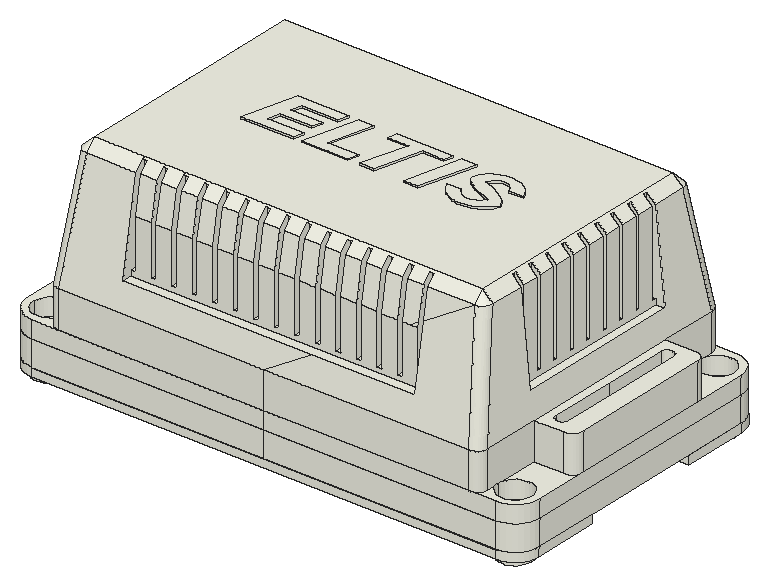
Revit family "Блок питания PS2-DSV3", category Оборудование, Revit 2017
Family settings
  Размер круглого соединителя = Использовать диаметр
  Тип детали = Нормальный
  На основе рабочей плоскости = Нет
  Всегда вертикально = Да
  При загрузке вырезать с полостями = Нет
  Общий = Нет
  Точка расчета площади = Нет
Parameters (values of type "Блок питания")
  Отступ от грани [instance] = 0 mm
  Описание = "Блок питания PS2-DSV3"
  Градус [instance] = if(Горизонтальное, 90.00°, 0.00°)  # 90.00°
  Горизонтальное [instance] = not(Вертикальные)  # yes
  Вертикальные [instance] = no
  URL = "https://www.eltis.com/catalog/bloki-pitanija/548/2793/"
  ADSK_Этаж [instance] = ""
  ADSK_Обозначение = "PS2-DSV3"
  ADSK_Наименование краткое = "Блок питания"
  ADSK_Наименование = "Блок питания PS2-DSV3"
  ADSK_Масса = 0.6
  ADSK_Марка = "PS2-DSV3"
  ADSK_Завод-изготовитель = "ELTIS"  # constant formula
Reference planes
  plane 1 "По центру (Вперед/Назад)": y = 0
  plane 2: z = 0
  plane 3 "Е1": x = 0
  plane 4 "Е1Е": z = 0
Lines and regions (mm)
  reference lines
    curve 1: line (1, 0, 1) -> (1, 0, 166)
Dimensions and locks
  "Отступ от грани": plane 4 "Е1Е" to level
  locked: curve 1 to plane 3 "Е1" at 1
  locked: curve 1 to plane 4 "Е1Е" at 1
  "Градус": angle plane 4 "Е1Е" to curve 1
  aligned and locked: level to plane 2
  aligned and locked: plane 3 "Е1" to nested 1
  aligned and locked: plane 1 "По центру (Вперед/Назад)" to nested 1
  aligned and locked: nested 2 to plane 1 "По центру (Вперед/Назад)"
  aligned and locked: nested 2 to plane 4 "Е1Е"
Nested families
  nested 1: "Бл. питания" at (0, 0, 0), visible <- "Горизонтальное", type "Бл. питания"
    with Ширина 88 mm, Материал корпуса Бежевый пластик, Длина 150 mm
  nested 2: "Бл. питания" at (0, 0, 0) x (0, 1, 0) z (1, 0, 0), visible <- "Вертикальные", type "Бл. питания"
    with Ширина 88 mm, Материал корпуса Бежевый пластик, Длина 150 mm
Connectors
  electrical at (1, 0, 1)
    settings: on curve 1, index 1, voltage 0 V, apparent load 0 VA, apparent load phase1 0 VA, apparent load phase2 0 VA, apparent load phase3 0 VA, power factor 1, load classification "Прочее", number of poles 1, system type 30, power factor state 1, is connector primary yes, connector utility no, sub classification motor no, connector description ""
Definition of nested family "Бл. питания"
  Parameters (values of type "Бл. питания")
    Ширина [instance] = 88 mm  # constant formula
    Default Elevation = 1219.2 mm
    Материал корпуса [instance] = none
    Длина [instance] = 150 mm  # constant formula
  Reference planes
    plane 1 "По центру (Вперед/Назад)": y = 0
    plane 2: z = 0
    plane 3 "По центру (Влево/Вправо)": x = 0
    plane 4: z = 2
    plane 5: z = 11
    plane 6: z = 12.006
    plane 7: z = 17.006
    plane 8: z = 27.734
    plane 9: z = 64.734
    plane 10 "Е1": x = -75
    plane 11: x = 75
    plane 12: y = 44
    plane 13 "Е3": y = -44
    plane 14: z = 4.5
    plane 15: z = 61.734
    plane 16: x = 85
    plane 17: x = -85
  Forms (mm)
    Extrusion 1, solid
      sketch origin (0, 0, 0) x (1, 0, 0) y (0, 1, 0)
        loop
          line (-1219.2, 1219.2) -> (-1219.2, -1219.2) -> (1219.2, -1219.2) -> (1219.2, 1219.2) -> (-1219.2, 1219.2)
      from 0 to -304.8
    Extrusion 2, solid, material <- "Материал корпуса", detail levels medium+fine
      sketch origin (0, 0, 0) x (1, 0, 0) y (0, 1, 0)
        loop
          circle (-67.978, 36.874) r 4.976
        loop
          circle (-67.978, -37.036) r 4.976
        loop
          circle (67.981, -37.036) r 4.976
        loop
          circle (67.981, 36.971) r 4.976
      from 0 to 2
    Extrusion 3, solid, material <- "Материал корпуса", detail levels medium+fine
      sketch origin (0, 0, 0) x (1, 0, 0) y (0, 1, 0)
        loop
          line (-5.5, 17.649) -> (-5.5, 44) -> (-60.5, 44) -> (-67.825, 44)
          arc (-67.825, 44) -> (-72.899, 41.899) -> (-75, 36.825) r 7.175
          line (-75, 36.825) -> (-75, 17.649) -> (-5.5, 17.649)
        loop
          line (5.5, 17.649) -> (75, 17.649) -> (75, 37.001)
          arc (75, 37.001) -> (72.95, 41.95) -> (68.001, 44) r 6.999
          line (68.001, 44) -> (5.5, 44) -> (5.5, 17.649)
        loop
          line (-75, -17.651) -> (-75, -36.739)
          arc (-75, -36.739) -> (-72.873, -41.873) -> (-67.739, -44) r 7.261
          line (-67.739, -44) -> (68.001, -44)
          arc (68.001, -44) -> (72.95, -41.95) -> (75, -37.001) r 6.999
          line (75, -37.001) -> (75, -17.651) -> (54, -17.651) -> (54, -15.651) -> (46, -15.651) -> (46, -17.651) -> (-46, -17.651) -> (-46, -15.651) -> (-54, -15.651) -> (-54, -17.651) -> (-75, -17.651)
        loop
          line (19.898, 21.683) -> (56.794, 21.683) -> (56.794, 39.969) -> (19.898, 39.969) -> (19.898, 21.683)
        loop
          line (20, -22.001) -> (20, -39.901) -> (56.6, -39.901) -> (56.6, -22.001) -> (20, -22.001)
      from 2 to 4.5
    Extrusion 4, solid, material <- "Материал корпуса", detail levels medium+fine
      sketch origin (0, 0, 0) x (1, 0, 0) y (0, 1, 0)
        loop
          arc (-67.825, 44) -> (-72.899, 41.899) -> (-75, 36.825) r 7.175
          line (-75, 36.825) -> (-75, -36.739)
          arc (-75, -36.739) -> (-72.873, -41.873) -> (-67.739, -44) r 7.261
          line (-67.739, -44) -> (0.131, -44) -> (67.739, -44)
          arc (67.739, -44) -> (72.873, -41.873) -> (75, -36.739) r 7.261
          line (75, -36.739) -> (75, 36.825)
          arc (75, 36.825) -> (72.899, 41.899) -> (67.825, 44) r 7.175
          line (67.825, 44) -> (0, 44) -> (-67.825, 44)
      from 4.5 to 12.006
    Extrusion 5, solid, material <- "Материал корпуса", detail levels medium+fine
      sketch origin (0, 0, 0) x (1, 0, 0) y (0, 1, 0)
        loop
          arc (-67.825, 44) -> (-72.899, 41.899) -> (-75, 36.825) r 7.175
          line (-75, 36.825) -> (-75, -36.739)
          arc (-75, -36.739) -> (-72.873, -41.873) -> (-67.739, -44) r 7.261
          line (-67.739, -44) -> (0.131, -44) -> (67.739, -44)
          arc (67.739, -44) -> (72.873, -41.873) -> (75, -36.739) r 7.261
          line (75, -36.739) -> (75, 36.825)
          arc (75, 36.825) -> (72.899, 41.899) -> (67.825, 44) r 7.175
          line (67.825, 44) -> (0, 44) -> (-67.825, 44)
        loop
          circle (-67.978, -37.036) r 4.976
        loop
          circle (-67.978, 36.874) r 4.976
        loop
          circle (67.978, -37.036) r 4.976
        loop
          circle (67.978, 36.874) r 4.976
      from 12.006 to 17
    Extrusion 6, solid, material <- "Материал корпуса", detail levels medium+fine
      sketch origin (0, 0, 0) x (1, 0, 0) y (0, 1, 0)
        loop
          arc (-75, -20.817) -> (-74.068, -23.068) -> (-71.817, -24) r 3.183
          line (-71.817, -24) -> (-63.045, -24) -> (-63.045, -40.922)
          arc (-63.045, -40.922) -> (-62.143, -43.098) -> (-59.967, -44) r 3.078
          line (-59.967, -44) -> (0.131, -44) -> (59.967, -44)
          arc (59.967, -44) -> (62.143, -43.098) -> (63.045, -40.922) r 3.078
          line (63.045, -40.922) -> (63.045, -24) -> (71.817, -24)
          arc (71.817, -24) -> (74.068, -23.068) -> (75, -20.817) r 3.183
          line (75, -20.817) -> (75, 21.018)
          arc (75, 21.018) -> (74.127, 23.127) -> (72.018, 24) r 2.982
          line (72.018, 24) -> (63.045, 24) -> (63.045, 40.922)
          arc (63.045, 40.922) -> (62.143, 43.098) -> (59.967, 44) r 3.078
          line (59.967, 44) -> (0, 44) -> (-59.967, 44)
          arc (-59.967, 44) -> (-62.143, 43.098) -> (-63.045, 40.922) r 3.078
          line (-63.045, 40.922) -> (-63.045, 24) -> (-72.018, 24)
          arc (-72.018, 24) -> (-74.127, 23.127) -> (-75, 21.018) r 2.982
          line (-75, 21.018) -> (-75, -20.817)
        loop
          line (69.397, 0) -> (69.397, 19.139)
          arc (69.397, 19.139) -> (67.504, 21.031) -> (65.612, 19.139) r 1.893
          line (65.612, 19.139) -> (65.612, 0) -> (65.612, -19.139)
          arc (65.612, -19.139) -> (67.504, -21.031) -> (69.397, -19.139) r 1.893
          line (69.397, -19.139) -> (69.397, 0)
      from 17.006 to 27.734
    Blend 7, solid, material <- "Материал корпуса", detail levels medium+fine
      base sketch origin (0, 0, 0) x (1, 0, 0) y (0, 1, 0)
        loop
          arc (-59.967, 44) -> (-62.143, 43.098) -> (-63.045, 40.922) r 3.078
          line (-63.045, 40.922) -> (-63.045, -40.922)
          arc (-63.045, -40.922) -> (-62.143, -43.098) -> (-59.967, -44) r 3.078
          line (-59.967, -44) -> (0, -44) -> (59.967, -44)
          arc (59.967, -44) -> (62.143, -43.098) -> (63.045, -40.922) r 3.078
          line (63.045, -40.922) -> (63.045, 40.922)
          arc (63.045, 40.922) -> (62.143, 43.098) -> (59.967, 44) r 3.078
          line (59.967, 44) -> (0, 44) -> (-59.967, 44)
      top sketch origin (0, 0, 0) x (1, 0, 0) y (0, 1, 0)
        loop
          arc (-56.902, 37.722) -> (-58.993, 36.848) -> (-59.89, 34.767) r 3.025
          line (-59.89, 34.767) -> (-59.89, -34.767)
          arc (-59.89, -34.767) -> (-58.993, -36.848) -> (-56.902, -37.722) r 3.025
          line (-56.902, -37.722) -> (56.655, -37.722)
          arc (56.655, -37.722) -> (58.746, -36.848) -> (59.644, -34.767) r 3.025
          line (59.644, -34.767) -> (59.644, 34.767)
          arc (59.644, 34.767) -> (58.746, 36.848) -> (56.655, 37.722) r 3.025
          line (56.655, 37.722) -> (-56.902, 37.722)
      from 27.734 to 61.734
    Blend 8, solid, material <- "Материал корпуса", detail levels medium+fine
      base sketch origin (0, 0, 0) x (1, 0, 0) y (0, 1, 0)
        loop
          line (-59.89, 34.767) -> (-59.89, -34.767)
          arc (-59.89, -34.767) -> (-58.993, -36.848) -> (-56.902, -37.722) r 3.025
          line (-56.902, -37.722) -> (56.655, -37.722)
          arc (56.655, -37.722) -> (58.746, -36.848) -> (59.644, -34.767) r 3.025
          line (59.644, -34.767) -> (59.644, 34.767)
          arc (59.644, 34.767) -> (58.746, 36.848) -> (56.655, 37.722) r 3.025
          line (56.655, 37.722) -> (-56.902, 37.722)
          arc (-56.902, 37.722) -> (-58.993, 36.848) -> (-59.89, 34.767) r 3.025
      top sketch origin (0, 0, 0) x (1, 0, 0) y (0, 1, 0)
        loop
          line (56.644, 34.722) -> (-56.89, 34.722) -> (-56.89, -34.722) -> (56.644, -34.722) -> (56.644, 34.722)
      from 61.734 to 64.734
    Extrusion 9, void
      sketch origin (-75, 0, 0) x (0, 1, 0) y (0, 0, 1)
        loop
          line (24.692, 35.609) -> (24.692, 64.734) -> (-24.692, 64.734) -> (-24.692, 35.609) -> (24.692, 35.609)
      from 134.644 to 160
    Extrusion 10, void
      sketch origin (-75, 0, 0) x (0, 1, 0) y (0, 0, 1)
        loop
          line (24.692, 37.109) -> (24.692, 64.309) -> (23.3, 64.309) -> (23.3, 37.109) -> (24.692, 37.109)
        loop
          line (18.7, 37.109) -> (18.7, 64.309) -> (17.3, 64.309) -> (17.3, 37.109) -> (18.7, 37.109)
        loop
          line (12.7, 37.109) -> (12.7, 64.309) -> (11.3, 64.309) -> (11.3, 37.109) -> (12.7, 37.109)
        loop
          line (6.7, 37.109) -> (6.7, 64.309) -> (5.3, 64.309) -> (5.3, 37.109) -> (6.7, 37.109)
        loop
          line (0.7, 37.109) -> (0.7, 64.309) -> (-0.7, 64.309) -> (-0.7, 37.109) -> (0.7, 37.109)
        loop
          line (-5.3, 37.109) -> (-5.3, 64.309) -> (-6.7, 64.309) -> (-6.7, 37.109) -> (-5.3, 37.109)
        loop
          line (-11.3, 37.109) -> (-11.3, 64.309) -> (-12.7, 64.309) -> (-12.7, 37.109) -> (-11.3, 37.109)
        loop
          line (-17.3, 37.109) -> (-17.3, 64.309) -> (-18.7, 64.309) -> (-18.7, 37.109) -> (-17.3, 37.109)
        loop
          line (-23.3, 37.109) -> (-23.3, 64.309) -> (-24.692, 64.309) -> (-24.692, 37.109) -> (-23.3, 37.109)
      from 131.655 to 160
    Extrusion 11, void
      sketch origin (75, 0, 0) x (0, 1, 0) y (0, 0, -1)
        loop
          line (24.692, -37.109) -> (23.3, -37.109) -> (23.3, -64.309) -> (24.692, -64.309) -> (24.692, -37.109)
        loop
          line (18.7, -37.109) -> (17.3, -37.109) -> (17.3, -64.309) -> (18.7, -64.309) -> (18.7, -37.109)
        loop
          line (12.7, -37.109) -> (11.3, -37.109) -> (11.3, -64.309) -> (12.7, -64.309) -> (12.7, -37.109)
        loop
          line (6.7, -37.109) -> (5.3, -37.109) -> (5.3, -64.309) -> (6.7, -64.309) -> (6.7, -37.109)
        loop
          line (0.7, -37.109) -> (-0.7, -37.109) -> (-0.7, -64.309) -> (0.7, -64.309) -> (0.7, -37.109)
        loop
          line (-5.3, -37.109) -> (-6.7, -37.109) -> (-6.7, -64.309) -> (-5.3, -64.309) -> (-5.3, -37.109)
        loop
          line (-11.3, -37.109) -> (-12.7, -37.109) -> (-12.7, -64.309) -> (-11.3, -64.309) -> (-11.3, -37.109)
        loop
          line (-17.3, -37.109) -> (-18.7, -37.109) -> (-18.7, -64.309) -> (-17.3, -64.309) -> (-17.3, -37.109)
        loop
          line (-23.3, -37.109) -> (-24.692, -37.109) -> (-24.692, -64.309) -> (-23.3, -64.309) -> (-23.3, -37.109)
      from 131.655 to 160
    Extrusion 12, void
      sketch origin (75, 0, 0) x (0, 1, 0) y (0, 0, -1)
        loop
          line (24.692, -35.609) -> (-24.692, -35.609) -> (-24.692, -64.734) -> (24.692, -64.734) -> (24.692, -35.609)
      from 134.644 to 160
    Extrusion 13, void
      sketch origin (0, -44, 0) x (-1, 0, 0) y (0, 0, 1)
        loop
          line (41.037, 37) -> (42.435, 37) -> (42.435, 64.2) -> (41.037, 64.2) -> (41.037, 37)
        loop
          line (34.949, 37) -> (36.347, 37) -> (36.347, 64.2) -> (34.949, 64.2) -> (34.949, 37)
        loop
          line (28.939, 37) -> (30.336, 37) -> (30.336, 64.2) -> (28.939, 64.2) -> (28.939, 37)
        loop
          line (22.947, 37) -> (24.345, 37) -> (24.345, 64.2) -> (22.947, 64.2) -> (22.947, 37)
        loop
          line (16.947, 37) -> (18.345, 37) -> (18.345, 64.2) -> (16.947, 64.2) -> (16.947, 37)
        loop
          line (10.947, 37) -> (12.345, 37) -> (12.345, 64.2) -> (10.947, 64.2) -> (10.947, 37)
        loop
          line (4.947, 37) -> (6.345, 37) -> (6.345, 64.2) -> (4.947, 64.2) -> (4.947, 37)
        loop
          line (-1.053, 37) -> (0.345, 37) -> (0.345, 64.2) -> (-1.053, 64.2) -> (-1.053, 37)
        loop
          line (-7.053, 37) -> (-5.655, 37) -> (-5.655, 64.2) -> (-7.053, 64.2) -> (-7.053, 37)
        loop
          line (-13.053, 37) -> (-11.655, 37) -> (-11.655, 64.2) -> (-13.053, 64.2) -> (-13.053, 37)
        loop
          line (-19.053, 37) -> (-17.655, 37) -> (-17.655, 64.2) -> (-19.053, 64.2) -> (-19.053, 37)
        loop
          line (-25.053, 37) -> (-23.655, 37) -> (-23.655, 64.2) -> (-25.053, 64.2) -> (-25.053, 37)
        loop
          line (-31.053, 37) -> (-29.655, 37) -> (-29.655, 64.2) -> (-31.053, 64.2) -> (-31.053, 37)
        loop
          line (-37.053, 37) -> (-35.655, 37) -> (-35.655, 64.2) -> (-37.053, 64.2) -> (-37.053, 37)
        loop
          line (-43.053, 37) -> (-41.655, 37) -> (-41.655, 64.2) -> (-43.053, 64.2) -> (-43.053, 37)
      from -7.878 to 9.233
    Extrusion 14, void
      sketch origin (0, 44, 0) x (-1, 0, 0) y (0, 0, -1)
        loop
          line (42.43, -35.5) -> (-42.955, -35.5) -> (-42.955, -64.734) -> (42.43, -64.734) -> (42.43, -35.5)
      from 4.377 to -10.148
    Extrusion 15, void
      sketch origin (0, 44, 0) x (-1, 0, 0) y (0, 0, -1)
        loop
          line (41.037, -37) -> (41.037, -64.2) -> (42.435, -64.2) -> (42.435, -37) -> (41.037, -37)
        loop
          line (34.949, -37) -> (34.949, -64.2) -> (36.347, -64.2) -> (36.347, -37) -> (34.949, -37)
        loop
          line (28.939, -37) -> (28.939, -64.2) -> (30.336, -64.2) -> (30.336, -37) -> (28.939, -37)
        loop
          line (22.947, -37) -> (22.947, -64.2) -> (24.345, -64.2) -> (24.345, -37) -> (22.947, -37)
        loop
          line (16.947, -37) -> (16.947, -64.2) -> (18.345, -64.2) -> (18.345, -37) -> (16.947, -37)
        loop
          line (10.947, -37) -> (10.947, -64.2) -> (12.345, -64.2) -> (12.345, -37) -> (10.947, -37)
        loop
          line (4.947, -37) -> (4.947, -64.2) -> (6.345, -64.2) -> (6.345, -37) -> (4.947, -37)
        loop
          line (-1.053, -37) -> (-1.053, -64.2) -> (0.345, -64.2) -> (0.345, -37) -> (-1.053, -37)
        loop
          line (-7.053, -37) -> (-7.053, -64.2) -> (-5.655, -64.2) -> (-5.655, -37) -> (-7.053, -37)
        loop
          line (-13.053, -37) -> (-13.053, -64.2) -> (-11.655, -64.2) -> (-11.655, -37) -> (-13.053, -37)
        loop
          line (-19.053, -37) -> (-19.053, -64.2) -> (-17.655, -64.2) -> (-17.655, -37) -> (-19.053, -37)
        loop
          line (-25.053, -37) -> (-25.053, -64.2) -> (-23.655, -64.2) -> (-23.655, -37) -> (-25.053, -37)
        loop
          line (-31.053, -37) -> (-31.053, -64.2) -> (-29.655, -64.2) -> (-29.655, -37) -> (-31.053, -37)
        loop
          line (-37.053, -37) -> (-37.053, -64.2) -> (-35.655, -64.2) -> (-35.655, -37) -> (-37.053, -37)
        loop
          line (-43.053, -37) -> (-43.053, -64.2) -> (-41.655, -64.2) -> (-41.655, -37) -> (-43.053, -37)
      from -7.878 to 9.233
    Extrusion 16, void
      sketch origin (0, -44, 0) x (-1, 0, 0) y (0, 0, 1)
        loop
          line (42.43, 35.5) -> (42.43, 64.734) -> (-42.955, 64.734) -> (-42.955, 35.5) -> (42.43, 35.5)
      from 4.377 to -10.148
    Extrusion 17, solid, material <- "Материал корпуса", detail levels fine
      sketch origin (0, 0, 0) x (1, 0, 0) y (0, 1, 0)
        loop
          line (-36.054, -7.21) -> (-20.762, -7.21) -> (-20, -4.192) -> (-30.779, -4.192) -> (-29.883, -0.605) -> (-20.587, -0.605) -> (-19.847, 2.235) -> (-29.148, 2.235) -> (-28.324, 5.412) -> (-17.77, 5.412) -> (-16.971, 8.318) -> (-32.01, 8.318) -> (-36.054, -7.21)
        loop
          line (-18.196, -7.204) -> (-4.856, -7.204) -> (-4.092, -4.197) -> (-12.956, -4.197) -> (-9.668, 8.318) -> (-14.154, 8.318) -> (-18.196, -7.204)
        loop
          line (13.212, 8.79) -> (-3.193, 8.79) -> (-3.813, 6.129) -> (2.206, 6.129) -> (-1.349, -7.204) -> (2.83, -7.204) -> (6.384, 6.129) -> (12.592, 6.129) -> (13.212, 8.79)
        loop
          line (15.836, 8.785) -> (11.578, -7.204) -> (15.76, -7.204) -> (20.025, 8.785) -> (15.836, 8.785)
        loop
          line (24.289, -2.287) -> (20.191, -2.433)
          arc (20.191, -2.433) -> (28.204, -7.415) -> (36.217, -2.433) r 8.935
          spline (36.217, -2.433) -> (35.814, -1.758) -> (35.344, -1.134) -> (34.806, -0.554) -> (34.201, -0.01) -> (33.526, 0.504) -> (32.782, 0.996) -> (31.967, 1.473) -> (31.08, 1.941) -> (30.121, 2.408) -> (29.088, 2.881) -> (27.981, 3.367) -> (26.798, 3.873)
          arc (26.798, 3.873) -> (30.161, 6.457) -> (33.524, 3.873) r 3.48
          line (33.524, 3.873) -> (37.616, 4.02)
          arc (37.616, 4.02) -> (30.116, 9.021) -> (22.616, 4.02) r 8.124
          spline (22.616, 4.02) -> (22.953, 3.102) -> (23.414, 2.354) -> (23.989, 1.739) -> (24.671, 1.223) -> (25.448, 0.769) -> (26.314, 0.342) -> (27.255, -0.089) -> (28.245, -0.527) -> (29.254, -0.97) -> (30.251, -1.414) -> (31.205, -1.854) -> (32.085, -2.287)
          arc (32.085, -2.287) -> (28.187, -4.666) -> (24.289, -2.287) r 4.382
      from 64.734 to 65.209
    Extrusion 18, solid, material <- "Материал корпуса", detail levels coarse
      sketch origin (0, 0, 0) x (1, 0, 0) y (0, 1, 0)
        loop
          line (-75, 44) -> (-75, -44) -> (75, -44) -> (75, 44) -> (-75, 44)
      from 0 to 64.734
  Cuts and joins
    joined: Extrusion 2, Extrusion 3
    Extrusion 9, Extrusion 10, Extrusion 11, Extrusion 12, Extrusion 13, Extrusion 15 cuts Extrusion 6
    Extrusion 9, Extrusion 10, Extrusion 11, Extrusion 12, Extrusion 13, Extrusion 14, Extrusion 15, Extrusion 16 cuts Blend 7
    Extrusion 9, Extrusion 10, Extrusion 11, Extrusion 12, Extrusion 13, Extrusion 15 cuts Blend 8
    joined: Extrusion 6, Blend 7, Blend 8
  Dimensions and locks
    locked: Extrusion 1 to plane 4 at 2
    locked: plane 4 to plane 5 at 9
    locked: plane 5 to plane 6 at 1.006
    locked: plane 6 to plane 7 at 5
    locked: plane 7 to plane 8 at 10.728
    locked: plane 8 to plane 9 at 37
    equal spacing: plane 10 "Е1", plane 3 "По центру (Влево/Вправо)", plane 11
    "Длина": plane 10 "Е1" to plane 11
    equal spacing: plane 13 "Е3", plane 1 "По центру (Вперед/Назад)", plane 12
    "Ширина": plane 12 to plane 13 "Е3"
    locked: plane 4 to plane 14 at 2.5
    locked: plane 15 to plane 9 at 3
    locked: plane 11 to plane 16 at 10
    locked: plane 17 to plane 10 "Е1" at 10
    aligned and locked: plane 2 to Extrusion 1
    aligned and locked: level to Extrusion 1
    aligned and locked: Extrusion 2 to level
    aligned and locked: Extrusion 3 to plane 14
    aligned and locked: plane 4 to Extrusion 3
    aligned and locked: Extrusion 2 to plane 4
    aligned and locked: Extrusion 4 to Extrusion 3
    aligned and locked: plane 14 to Extrusion 4
    aligned and locked: plane 6 to Extrusion 5
    aligned and locked: plane 7 to Extrusion 6
    aligned and locked: Extrusion 6 to plane 8
    aligned and locked: plane 8 to Blend 7
    aligned and locked: Blend 7 to plane 15
    aligned and locked: Blend 8 to cut or joined group of Extrusion 6, Blend 7, Blend 8, Extrusion 9, Extrusion 10, Extrusion 11, Extrusion 12, Extrusion 13, Extrusion 14, Extrusion 15, Extrusion 16
    aligned and locked: Blend 8 to plane 9
    aligned and locked: plane 16 to Extrusion 9
    aligned and locked: Extrusion 10 to Extrusion 9
    aligned and locked: Extrusion 18 sketch curve to plane 12
    aligned and locked: plane 10 "Е1" to Extrusion 18 sketch curve
    aligned and locked: plane 13 "Е3" to Extrusion 18 sketch curve
    aligned and locked: Extrusion 18 sketch curve to plane 11
    aligned and locked: Extrusion 18 to plane 9
    aligned and locked: Extrusion 18 to level
  Automatic sketch dimensions
    Extrusion 1 sketch curve to Extrusion 1 sketch curve = 2438.4 mm  (x2)
    plane 10 "Е1" to Extrusion 2 sketch curve = 7.022 mm  (x2)
    Extrusion 2 sketch curve to plane 11 = 7.019 mm  (x2)
    plane 13 "Е3" to Extrusion 2 sketch curve = 6.964 mm  (x2)
    Extrusion 2 sketch curve to plane 12 = 7.126 mm
    Extrusion 2 sketch curve to plane 12 = 7.029 mm
    Extrusion 3 sketch curve to plane 10 "Е1" = 0 mm  (x2)
    Extrusion 3 sketch curve to plane 12 = 0 mm  (x2)
    Extrusion 3 sketch curve to plane 13 "Е3" = 0 mm
    Extrusion 3 sketch curve to plane 11 = 0 mm  (x2)
    plane 10 "Е1" to Extrusion 3 sketch curve = 7.175 mm
    plane 10 "Е1" to Extrusion 3 sketch curve = 7.261 mm
    Extrusion 3 sketch curve to Extrusion 3 sketch curve = 7.325 mm
    Extrusion 3 sketch curve to Extrusion 3 sketch curve = 21 mm
    Extrusion 3 sketch curve to Extrusion 3 sketch curve = 8 mm  (x2)
    Extrusion 3 sketch curve to plane 3 "По центру (Влево/Вправо)" = 5.5 mm
    plane 3 "По центру (Влево/Вправо)" to Extrusion 3 sketch curve = 5.5 mm
    Extrusion 3 sketch curve to Extrusion 3 sketch curve = 14.398 mm
    plane 13 "Е3" to Extrusion 3 sketch curve = 4.099 mm
    plane 3 "По центру (Влево/Вправо)" to Extrusion 3 sketch curve = 20 mm
    Extrusion 3 sketch curve to Extrusion 3 sketch curve = 26 mm
    Extrusion 3 sketch curve to plane 11 = 18.4 mm
    Extrusion 3 sketch curve to plane 12 = 4.031 mm
    Extrusion 3 sketch curve to plane 11 = 18.206 mm
    Extrusion 3 sketch curve to plane 11 = 6.999 mm  (x2)
    Extrusion 3 sketch curve to Extrusion 3 sketch curve = 17.9 mm
    plane 1 "По центру (Вперед/Назад)" to Extrusion 3 sketch curve = 17.651 mm  (x2)
    Extrusion 3 sketch curve to Extrusion 3 sketch curve = 0 mm
    Extrusion 3 sketch curve to Extrusion 3 sketch curve = 2 mm  (x2)
    Extrusion 3 sketch curve to plane 1 "По центру (Вперед/Назад)" = 17.649 mm  (x2)
    Extrusion 3 sketch curve to Extrusion 3 sketch curve = 18.286 mm
    Extrusion 4 sketch curve to plane 10 "Е1" = 0 mm
    Extrusion 4 sketch curve to plane 12 = 0 mm
    Extrusion 4 sketch curve to plane 13 "Е3" = 0 mm
    Extrusion 4 sketch curve to plane 3 "По центру (Влево/Вправо)" = 0 mm
    Extrusion 4 sketch curve to plane 11 = 0 mm
    plane 10 "Е1" to Extrusion 4 sketch curve = 7.175 mm
    plane 10 "Е1" to Extrusion 4 sketch curve = 7.261 mm
    plane 3 "По центру (Влево/Вправо)" to Extrusion 4 sketch curve = 0.131 mm
    Extrusion 4 sketch curve to plane 11 = 7.261 mm
    Extrusion 4 sketch curve to Extrusion 4 sketch curve = 7.175 mm
    Extrusion 5 sketch curve to Extrusion 5 sketch curve = 0 mm  (x8)
    Extrusion 5 sketch curve to plane 10 "Е1" = 0 mm
    Extrusion 5 sketch curve to plane 12 = 0 mm
    Extrusion 5 sketch curve to plane 13 "Е3" = 0 mm
    Extrusion 5 sketch curve to plane 3 "По центру (Влево/Вправо)" = 0 mm
    Extrusion 5 sketch curve to plane 11 = 0 mm
    plane 10 "Е1" to Extrusion 5 sketch curve = 7.022 mm  (x2)
    Extrusion 5 sketch curve to Extrusion 5 sketch curve = 0.152 mm  (x2)
    Extrusion 5 sketch curve to Extrusion 5 sketch curve = 0.239 mm  (x2)
    plane 3 "По центру (Влево/Вправо)" to Extrusion 5 sketch curve = 0.131 mm
    Extrusion 5 sketch curve to plane 11 = 7.261 mm
    Extrusion 5 sketch curve to Extrusion 5 sketch curve = 7.175 mm
    Extrusion 5 sketch curve to Extrusion 5 sketch curve = 0.297 mm  (x2)
    Extrusion 5 sketch curve to Extrusion 5 sketch curve = 0.049 mm  (x2)
    plane 10 "Е1" to Extrusion 5 sketch curve = 2.046 mm  (x2)
    Extrusion 5 sketch curve to Extrusion 5 sketch curve = 4.824 mm
    Extrusion 5 sketch curve to Extrusion 5 sketch curve = 4.738 mm
    Extrusion 6 sketch curve to plane 10 "Е1" = 0 mm
    Extrusion 6 sketch curve to plane 13 "Е3" = 0 mm
    Extrusion 6 sketch curve to plane 12 = 0 mm
    Extrusion 6 sketch curve to plane 3 "По центру (Влево/Вправо)" = 0 mm
    plane 1 "По центру (Вперед/Назад)" to Extrusion 6 sketch curve = 0 mm  (x2)
    Extrusion 6 sketch curve to plane 11 = 0 mm
    plane 10 "Е1" to Extrusion 6 sketch curve = 2.982 mm
    Extrusion 6 sketch curve to Extrusion 6 sketch curve = 3.183 mm
    plane 13 "Е3" to Extrusion 6 sketch curve = 3.078 mm
    plane 10 "Е1" to Extrusion 6 sketch curve = 11.955 mm
    Extrusion 6 sketch curve to Extrusion 6 sketch curve = 8.973 mm
    Extrusion 6 sketch curve to plane 12 = 3.078 mm  (x2)
    plane 3 "По центру (Влево/Вправо)" to Extrusion 6 sketch curve = 0.131 mm
    Extrusion 6 sketch curve to plane 11 = 15.033 mm  (x2)
    Extrusion 6 sketch curve to plane 11 = 11.955 mm
    Extrusion 6 sketch curve to Extrusion 6 sketch curve = 2.567 mm
    Extrusion 6 sketch curve to Extrusion 6 sketch curve = 1.893 mm
    Extrusion 6 sketch curve to plane 11 = 3.183 mm
    Extrusion 6 sketch curve to Extrusion 6 sketch curve = 2.982 mm
    Extrusion 6 sketch curve to Extrusion 6 sketch curve = 16.922 mm  (x2)
    Extrusion 6 sketch curve to Extrusion 6 sketch curve = 4.861 mm
    Extrusion 6 sketch curve to Extrusion 6 sketch curve = 19.139 mm
    Extrusion 6 sketch curve to plane 1 "По центру (Вперед/Назад)" = 21.018 mm
    Extrusion 6 sketch curve to Extrusion 6 sketch curve = 1.88 mm
    Blend 7 sketch curve to plane 13 "Е3" = 0 mm
    Blend 7 sketch curve to plane 12 = 0 mm
    Blend 7 sketch curve to plane 3 "По центру (Влево/Вправо)" = 0 mm  (x2)
    plane 10 "Е1" to Blend 7 sketch curve = 15.033 mm  (x2)
    Blend 7 sketch curve to Blend 7 sketch curve = 3.078 mm  (x2)
    Blend 7 sketch curve to plane 12 = 3.078 mm
    Blend 7 sketch curve to plane 11 = 15.033 mm
    plane 13 "Е3" to Blend 7 sketch curve = 9.233 mm
    plane 10 "Е1" to Blend 7 sketch curve = 15.11 mm
    Blend 7 sketch curve to Blend 7 sketch curve = 2.989 mm  (x2)
    Blend 7 sketch curve to Blend 7 sketch curve = 0.036 mm  (x4)
    Blend 7 sketch curve to plane 11 = 18.381 mm  (x2)
    plane 13 "Е3" to Blend 7 sketch curve = 9.303 mm
    Blend 7 sketch curve to Blend 7 sketch curve = 3.025 mm  (x2)
    Blend 7 sketch curve to plane 12 = 9.303 mm
    Blend 7 sketch curve to plane 1 "По центру (Вперед/Назад)" = 34.697 mm
    Blend 7 sketch curve to Blend 7 sketch curve = 0.071 mm
    plane 13 "Е3" to Blend 8 sketch curve = 9.233 mm
    plane 10 "Е1" to Blend 8 sketch curve = 15.11 mm
    Blend 8 sketch curve to Blend 8 sketch curve = 2.989 mm  (x2)
    Blend 8 sketch curve to Blend 8 sketch curve = 0.036 mm  (x4)
    Blend 8 sketch curve to plane 11 = 18.381 mm  (x2)
    plane 13 "Е3" to Blend 8 sketch curve = 9.303 mm
    Blend 8 sketch curve to Blend 8 sketch curve = 3.025 mm
    Blend 8 sketch curve to Blend 8 sketch curve = 0.071 mm  (x2)
    Blend 8 sketch curve to plane 12 = 9.303 mm
    Blend 8 sketch curve to plane 1 "По центру (Вперед/Назад)" = 34.697 mm
    plane 10 "Е1" to Blend 8 sketch curve = 18.11 mm
    Blend 8 sketch curve to plane 11 = 18.356 mm
    plane 13 "Е3" to Blend 8 sketch curve = 9.278 mm
    Blend 8 sketch curve to plane 12 = 9.278 mm
    plane 9 to Extrusion 9 sketch curve = 0 mm
    Extrusion 9 sketch curve to plane 8 = 7.875 mm
    plane 13 "Е3" to Extrusion 9 sketch curve = 19.308 mm
    Extrusion 9 sketch curve to plane 12 = 19.308 mm
    plane 9 to Extrusion 10 sketch curve = 0.425 mm  (x9)
    plane 13 "Е3" to Extrusion 10 sketch curve = 19.308 mm
    Extrusion 10 sketch curve to Extrusion 10 sketch curve = 1.392 mm  (x2)
    Extrusion 10 sketch curve to Extrusion 10 sketch curve = 4.6 mm  (x7)
    Extrusion 10 sketch curve to Extrusion 10 sketch curve = 1.4 mm  (x6)
    plane 1 "По центру (Вперед/Назад)" to Extrusion 10 sketch curve = 0.7 mm
    Extrusion 10 sketch curve to plane 1 "По центру (Вперед/Назад)" = 0.7 mm
    Extrusion 10 sketch curve to plane 8 = 9.375 mm  (x2)
    Extrusion 10 sketch curve to Extrusion 10 sketch curve = 0 mm  (x7)
    plane 9 to Extrusion 11 sketch curve = 0.425 mm  (x9)
    plane 13 "Е3" to Extrusion 11 sketch curve = 19.308 mm
    Extrusion 11 sketch curve to Extrusion 11 sketch curve = 1.392 mm  (x2)
    Extrusion 11 sketch curve to Extrusion 11 sketch curve = 4.6 mm  (x7)
    Extrusion 11 sketch curve to Extrusion 11 sketch curve = 1.4 mm  (x6)
    plane 1 "По центру (Вперед/Назад)" to Extrusion 11 sketch curve = 0.7 mm
    Extrusion 11 sketch curve to plane 1 "По центру (Вперед/Назад)" = 0.7 mm
    Extrusion 11 sketch curve to plane 8 = 9.375 mm
    Extrusion 11 sketch curve to Extrusion 11 sketch curve = 0 mm  (x8)
    plane 9 to Extrusion 12 sketch curve = 0 mm
    Extrusion 12 sketch curve to plane 8 = 7.875 mm
    plane 13 "Е3" to Extrusion 12 sketch curve = 19.308 mm
    Extrusion 12 sketch curve to plane 12 = 19.308 mm
    Extrusion 13 sketch curve to plane 8 = 9.266 mm  (x2)
    Extrusion 13 sketch curve to plane 11 = 31.947 mm
    Extrusion 13 sketch curve to Extrusion 13 sketch curve = 1.397 mm  (x14)
    Extrusion 13 sketch curve to Extrusion 13 sketch curve = 4.603 mm  (x10)
    plane 9 to Extrusion 13 sketch curve = 0.534 mm  (x15)
    plane 3 "По центру (Влево/Вправо)" to Extrusion 13 sketch curve = 1.053 mm
    Extrusion 13 sketch curve to plane 3 "По центру (Влево/Вправо)" = 0.345 mm
    Extrusion 13 sketch curve to Extrusion 13 sketch curve = 4.594 mm
    Extrusion 13 sketch curve to Extrusion 13 sketch curve = 4.613 mm
    Extrusion 13 sketch curve to Extrusion 13 sketch curve = 4.691 mm
    Extrusion 13 sketch curve to Extrusion 13 sketch curve = 0 mm  (x13)
    Extrusion 14 sketch curve to plane 9 = 0 mm
    Extrusion 14 sketch curve to plane 8 = 7.766 mm
    Extrusion 14 sketch curve to plane 11 = 32.045 mm
    plane 10 "Е1" to Extrusion 14 sketch curve = 32.57 mm
    Extrusion 15 sketch curve to plane 8 = 9.266 mm  (x3)
    Extrusion 15 sketch curve to plane 11 = 31.947 mm
    Extrusion 15 sketch curve to Extrusion 15 sketch curve = 1.397 mm  (x14)
    Extrusion 15 sketch curve to Extrusion 15 sketch curve = 4.603 mm  (x10)
    plane 9 to Extrusion 15 sketch curve = 0.534 mm  (x15)
    plane 3 "По центру (Влево/Вправо)" to Extrusion 15 sketch curve = 1.053 mm
    Extrusion 15 sketch curve to plane 3 "По центру (Влево/Вправо)" = 0.345 mm
    Extrusion 15 sketch curve to Extrusion 15 sketch curve = 4.594 mm
    Extrusion 15 sketch curve to Extrusion 15 sketch curve = 4.613 mm
    Extrusion 15 sketch curve to Extrusion 15 sketch curve = 4.691 mm
    Extrusion 15 sketch curve to Extrusion 15 sketch curve = 0 mm  (x12)
    Extrusion 16 sketch curve to plane 9 = 0 mm
    Extrusion 16 sketch curve to plane 8 = 7.766 mm
    Extrusion 16 sketch curve to plane 11 = 32.045 mm
    plane 10 "Е1" to Extrusion 16 sketch curve = 32.57 mm
    plane 1 "По центру (Вперед/Назад)" to Extrusion 17 sketch curve = 7.21 mm
    Extrusion 17 sketch curve to plane 3 "По центру (Влево/Вправо)" = 36.054 mm
    Extrusion 17 sketch curve to Extrusion 17 sketch curve = 4.043 mm
    Extrusion 17 sketch curve to Extrusion 17 sketch curve = 5.275 mm
    plane 1 "По центру (Вперед/Назад)" to Extrusion 17 sketch curve = 0.605 mm
    Extrusion 17 sketch curve to Extrusion 17 sketch curve = 0.896 mm
    Extrusion 17 sketch curve to Extrusion 17 sketch curve = 0.735 mm
    Extrusion 17 sketch curve to Extrusion 17 sketch curve = 0.825 mm
    Extrusion 17 sketch curve to Extrusion 17 sketch curve = 10.017 mm
    Extrusion 17 sketch curve to Extrusion 17 sketch curve = 0.175 mm
    plane 1 "По центру (Вперед/Назад)" to Extrusion 17 sketch curve = 4.192 mm
    Extrusion 17 sketch curve to Extrusion 17 sketch curve = 0.762 mm
    Extrusion 17 sketch curve to plane 1 "По центру (Вперед/Назад)" = 2.235 mm
    Extrusion 17 sketch curve to Extrusion 17 sketch curve = 0.74 mm
    plane 1 "По центру (Вперед/Назад)" to Extrusion 17 sketch curve = 7.204 mm  (x2)
    Extrusion 17 sketch curve to Extrusion 17 sketch curve = 2.566 mm
    Extrusion 17 sketch curve to plane 1 "По центру (Вперед/Назад)" = 5.412 mm
    Extrusion 17 sketch curve to Extrusion 17 sketch curve = 2.077 mm
    Extrusion 17 sketch curve to Extrusion 17 sketch curve = 0.799 mm
    Extrusion 17 sketch curve to Extrusion 17 sketch curve = 2.817 mm
    Extrusion 17 sketch curve to Extrusion 17 sketch curve = 5.239 mm
    Extrusion 17 sketch curve to Extrusion 17 sketch curve = 4.485 mm
    Extrusion 17 sketch curve to plane 3 "По центру (Влево/Вправо)" = 4.856 mm
    Extrusion 17 sketch curve to Extrusion 17 sketch curve = 0.765 mm
    Extrusion 17 sketch curve to plane 3 "По центру (Влево/Вправо)" = 3.813 mm
    Extrusion 17 sketch curve to Extrusion 17 sketch curve = 0.62 mm  (x2)
    Extrusion 17 sketch curve to plane 3 "По центру (Влево/Вправо)" = 1.349 mm
    plane 3 "По центру (Влево/Вправо)" to Extrusion 17 sketch curve = 2.206 mm
    plane 3 "По центру (Влево/Вправо)" to Extrusion 17 sketch curve = 2.83 mm
    Extrusion 17 sketch curve to Extrusion 17 sketch curve = 4.178 mm
    Extrusion 17 sketch curve to Extrusion 17 sketch curve = 8.748 mm
    Extrusion 17 sketch curve to plane 1 "По центру (Вперед/Назад)" = 6.129 mm
    Extrusion 17 sketch curve to Extrusion 17 sketch curve = 6.208 mm
    Extrusion 17 sketch curve to Extrusion 17 sketch curve = 4.182 mm  (x2)
    Extrusion 17 sketch curve to Extrusion 17 sketch curve = 2.624 mm
    Extrusion 17 sketch curve to Extrusion 17 sketch curve = 4.189 mm
    plane 1 "По центру (Вперед/Назад)" to Extrusion 17 sketch curve = 2.433 mm  (x2)
    Extrusion 17 sketch curve to Extrusion 17 sketch curve = 4.431 mm
    Extrusion 17 sketch curve to plane 1 "По центру (Вперед/Назад)" = 4.02 mm  (x2)
    Extrusion 17 sketch curve to Extrusion 17 sketch curve = 2.592 mm
    plane 1 "По центру (Вперед/Назад)" to Extrusion 17 sketch curve = 2.287 mm  (x2)
    Extrusion 17 sketch curve to Extrusion 17 sketch curve = 4.097 mm
    Extrusion 17 sketch curve to plane 1 "По центру (Вперед/Назад)" = 3.873 mm  (x2)
    plane 1 "По центру (Вперед/Назад)" to Extrusion 17 sketch curve = 0.284 mm
    Extrusion 17 sketch curve to Extrusion 17 sketch curve = 3.898 mm
    Extrusion 17 sketch curve to Extrusion 17 sketch curve = 0.018 mm
    Extrusion 17 sketch curve to plane 1 "По центру (Вперед/Назад)" = 0.898 mm
    Extrusion 17 sketch curve to Extrusion 17 sketch curve = 1.912 mm
    Extrusion 17 sketch curve to Extrusion 17 sketch curve = 0.045 mm
    Extrusion 17 sketch curve to Extrusion 17 sketch curve = 4.772 mm
    plane 1 "По центру (Вперед/Назад)" to Extrusion 17 sketch curve = 4.197 mm
    Extrusion 17 sketch curve to plane 1 "По центру (Вперед/Назад)" = 1.52 mm
    Extrusion 17 sketch curve to Extrusion 17 sketch curve = 2.08 mm
    Extrusion 17 sketch curve to Extrusion 17 sketch curve = 0 mm  (x2)
    Extrusion 17 sketch curve to Extrusion 17 sketch curve = 2.906 mm
    Extrusion 17 sketch curve to Extrusion 17 sketch curve = 2.656 mm
    Extrusion 17 sketch curve to Extrusion 17 sketch curve = 0.005 mm
    radius of Extrusion 2 sketch curve = 4.976 mm  (x4)
